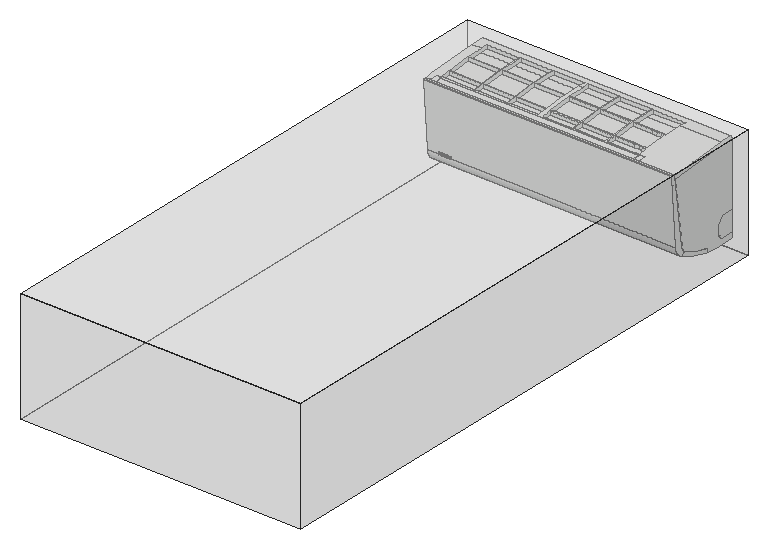
Revit family "outputfile", category 機械設備, Revit 2024
Family settings
  丸型コネクタ寸法 = 半径を使用
  パーツ タイプ = 標準
  OmniClass 番号 = 23.75.10.24.21.27.27
  OmniClass タイトル = Split System Air Conditioning Units
  作業面ベース = いいえ
  常に垂直 = はい
  ロード時にボイドで切り取り = いいえ
  注釈の向きを維持 = いいえ
  共有 = いいえ
  部屋計算ポイント = いいえ
Parameters (values of type "FTKF35CV1MW")
  Description = ""
  書き出し IFC クラス(タイプ) = "IfcUnitaryEquipmentType"
  定義済み IFC タイプ(タイプ) = "AIRCONDITIONINGUNIT"
  Cost = 0
  Type Comments = ""
  Keynote = ""
  Type Image = (empty or 0)
  Assembly Code = ""
  switch_frequency = yes
  lw_connection [instance] = if(Width = 730.0 mm, 85.0 mm, if(Width = 770.0 mm, 48.0 mm, 60.0 mm))  # 48.0 mm
  製造元 = "Daikin"
  モデル = "FTKF35CV1MW"
  r_Liquid Pipe Size = Liquid Pipe Size / 2  # 3.2 mm
  r_Gas Pipe Size = Gas Pipe Size / 2  # 4.75 mm
  r_Drain Pipe Size = Drain Pipe Size / 2  # 9.55 mm
  lw_powersupply [instance] = if(Width = 730.0 mm, if(or(Rear Right Connection_refrigerant, Bottom Right Connection_refrigerant), 65.0 mm, if(or(Rear Left Connection_refrigerant, Bottom Left Connection_refrigerant), 695.0 mm, 400.0 mm)), if(Width = 770.0 mm, if(or(Rear Right Connection_refrigerant, Bottom Right Connection_refrigerant), 68.0 mm, if(or(Rear Left Connection_refrigerant, Bottom Left Connection_refrigerant), 705.0 mm, 400.0 mm)), if(or(Rear Right Connection_refrigerant, Bottom Right Connection_refrigerant), 83.0 mm, if(or(Rear Left Connection_refrigerant, Bottom Left Connection_refrigerant), 928.0 mm, 400.0 mm))))  # 400.0 mm
  lw_liquidpipe [instance] = if(Width = 730.0 mm, if(or(Rear Right Connection_refrigerant, Bottom Right Connection_refrigerant), 0.0 mm, if(or(Rear Left Connection_refrigerant, Bottom Left Connection_refrigerant), 582.0 mm, 473.0 mm)), if(Width = 770.0 mm, if(or(Rear Right Connection_refrigerant, Bottom Right Connection_refrigerant), 0.0 mm, if(or(Rear Left Connection_refrigerant, Bottom Left Connection_refrigerant), 682.0 mm, 385.0 mm)), if(or(Rear Right Connection_refrigerant, Bottom Right Connection_refrigerant), 10.0 mm, if(or(Rear Left Connection_refrigerant, Bottom Left Connection_refrigerant), 858.0 mm, 435.0 mm))))  # 385.0 mm
  lw_gaspipe [instance] = if(Width = 730.0 mm, if(or(Rear Right Connection_refrigerant, Bottom Right Connection_refrigerant), 0.0 mm, if(or(Rear Left Connection_refrigerant, Bottom Left Connection_refrigerant), 576.0 mm, 428.0 mm)), if(Width = 770.0 mm, if(or(Rear Right Connection_refrigerant, Bottom Right Connection_refrigerant), 0.0 mm, if(or(Rear Left Connection_refrigerant, Bottom Left Connection_refrigerant), 675.0 mm, 335.0 mm)), if(or(Rear Right Connection_refrigerant, Bottom Right Connection_refrigerant), 0.0 mm, if(or(Rear Left Connection_refrigerant, Bottom Left Connection_refrigerant), 851.0 mm, 400.0 mm))))  # 335.0 mm
  lw_drainpipe [instance] = if(Width = 730.0 mm, if(or(Rear Right Connection_refrigerant, Bottom Right Connection_refrigerant), 0.0 mm, if(or(Rear Left Connection_refrigerant, Bottom Left Connection_refrigerant), 590.0 mm, 488.0 mm)), if(Width = 770.0 mm, if(or(Rear Right Connection_refrigerant, Bottom Right Connection_refrigerant), 0.0 mm, if(or(Rear Left Connection_refrigerant, Bottom Left Connection_refrigerant), 695.0 mm, 440.0 mm)), if(or(Rear Right Connection_refrigerant, Bottom Right Connection_refrigerant), 0.0 mm, if(or(Rear Left Connection_refrigerant, Bottom Left Connection_refrigerant), 888.0 mm, 475.0 mm))))  # 440.0 mm
  l_powersupply_length [instance] = if(Width = 730.0 mm, if(Right Connection_refrigerant, 400.0 mm, if(Left Connection_refrigerant, 330.0 mm, if(or(Bottom Left Connection_refrigerant, Bottom Right Connection_refrigerant), 57.0 mm, if(or(Rear Left Connection_refrigerant, Rear Right Connection_refrigerant), 15.0 mm, 50.0 mm)))), if(Width = 770.0 mm, if(Right Connection_refrigerant, 400.0 mm, if(Left Connection_refrigerant, 370.0 mm, if(or(Bottom Left Connection_refrigerant, Bottom Right Connection_refrigerant), 57.0 mm, if(or(Rear Left Connection_refrigerant, Rear Right Connection_refrigerant), 15.0 mm, 50.0 mm)))), if(Right Connection_refrigerant, 400.0 mm, if(Left Connection_refrigerant, 590.0 mm, if(or(Bottom Left Connection_refrigerant, Bottom Right Connection_refrigerant), 57.0 mm, if(or(Rear Left Connection_refrigerant, Rear Right Connection_refrigerant), 15.0 mm, 50.0 mm))))))  # 400.0 mm
  l_liquidpipe_length [instance] = if(Width = 730.0 mm, if(Right Connection_refrigerant, 558.0 mm, if(Left Connection_refrigerant, 172.0 mm, if(or(Bottom Left Connection_refrigerant, Bottom Right Connection_refrigerant), 48.0 mm, if(or(Rear Left Connection_refrigerant, Rear Right Connection_refrigerant), 30.0 mm, 40.0 mm)))), if(Width = 770.0 mm, if(Right Connection_refrigerant, 433.0 mm, if(Left Connection_refrigerant, 337.0 mm, if(or(Bottom Left Connection_refrigerant, Bottom Right Connection_refrigerant), 48.0 mm, if(or(Rear Left Connection_refrigerant, Rear Right Connection_refrigerant), 30.0 mm, 40.0 mm)))), if(Right Connection_refrigerant, 495.0 mm, if(Left Connection_refrigerant, 495.0 mm, if(or(Bottom Left Connection_refrigerant, Bottom Right Connection_refrigerant), 48.0 mm, if(or(Rear Left Connection_refrigerant, Rear Right Connection_refrigerant), 30.0 mm, 40.0 mm))))))  # 433.0 mm
  l_gaspipe_length [instance] = if(Width = 730.0 mm, if(Right Connection_refrigerant, 513.0 mm, if(Left Connection_refrigerant, 217.0 mm, if(or(Bottom Left Connection_refrigerant, Bottom Right Connection_refrigerant), 57.0 mm, if(or(Rear Left Connection_refrigerant, Rear Right Connection_refrigerant), 40.0 mm, 50.0 mm)))), if(Width = 770.0 mm, if(Right Connection_refrigerant, 383.0 mm, if(Left Connection_refrigerant, 387.0 mm, if(or(Bottom Left Connection_refrigerant, Bottom Right Connection_refrigerant), 57.0 mm, if(or(Rear Left Connection_refrigerant, Rear Right Connection_refrigerant), 40.0 mm, 50.0 mm)))), if(Right Connection_refrigerant, 460.0 mm, if(Left Connection_refrigerant, 530.0 mm, if(or(Bottom Left Connection_refrigerant, Bottom Right Connection_refrigerant), 57.0 mm, if(or(Rear Left Connection_refrigerant, Rear Right Connection_refrigerant), 40.0 mm, 50.0 mm))))))  # 383.0 mm
  l_drainpipe_length [instance] = if(Width = 730.0 mm, if(Right Connection_refrigerant, 573.0 mm, if(Left Connection_refrigerant, 157.0 mm, if(or(Bottom Left Connection_refrigerant, Bottom Right Connection_refrigerant), 35.0 mm, if(or(Rear Left Connection_refrigerant, Rear Right Connection_refrigerant), 15.0 mm, 20.0 mm)))), if(Width = 770.0 mm, if(Right Connection_refrigerant, 488.0 mm, if(Left Connection_refrigerant, 282.0 mm, if(or(Bottom Left Connection_refrigerant, Bottom Right Connection_refrigerant), 35.0 mm, if(or(Rear Left Connection_refrigerant, Rear Right Connection_refrigerant), 15.0 mm, 20.0 mm)))), if(Right Connection_refrigerant, 535.0 mm, if(Left Connection_refrigerant, 455.0 mm, if(or(Bottom Left Connection_refrigerant, Bottom Right Connection_refrigerant), 35.0 mm, if(or(Rear Left Connection_refrigerant, Rear Right Connection_refrigerant), 15.0 mm, 20.0 mm))))))  # 488.0 mm
  h*** = 0.0 mm  # constant formula
  connector_voltage = Voltage_50Hz  # 230 V
  connector_powerinput = [Power Input (Cooling)]  # 1.175 kW
  connector_phase = Phase_50Hz  # 1
  angle_vertical [instance] = if(or(Bottom Left Connection_refrigerant, Bottom Right Connection_refrigerant), 0.00°, 90.00°)  # 90.00°
  angle_horizontal [instance] = if(Right Connection_refrigerant, 90.00°, if(Left Connection_refrigerant, -90.00°, if(or(Rear Left Connection_refrigerant, Rear Right Connection_refrigerant), 180.00°, 0.00°)))  # 90.00°
  Width = 770.0 mm
  Voltage_comment_50Hz = "220 - 240"
  Voltage_50Hz = 230 V
  Version = "ver.1.0"
  Unit Type = "Wall Mounted"
  Unit Mass Weight = 9.00 kg
  Unit Designation [instance] = ""
  Uniclass2015Version = "Products v1.30"
  Uniclass2015Title = "Split coil room air conditioning units"
  Uniclass2015Code = "Pr_70_65_03_86"
  URL = ""
  Total Cooling Capacity [instance] = 0.000 kW
  Sound Pressure Level_M speed (dBA) = 34
  Sound Pressure Level_L speed (dBA) = 26
  Sound Pressure Level_H speed (dBA) = 39
  Sound Power Level_H speed (dB) = 0
  Series = "Single Split_Fan Coil Unit"
  Sensible Cooling Capacity [instance] = 0.000 kW
  Refrigerant Type = "R32"
  Power Input (Cooling) = 1.175 kW
  Phase_50Hz = 1
  Option Accessory 3 [instance] = ""
  Option Accessory 2 [instance] = ""
  Option Accessory 1 [instance] = ""
  Nominal Cooling Capacity = 3.600 kW
  Minimum Circuit Amps_50Hz = 10.5 A
  Minimum Airflow = 425.00 m³/h
  Median Airflow = 561.00 m³/h
  Maximum Fuse Amps_50Hz = 16.0 A
  Maximum Airflow = 680.00 m³/h
  Material_Casing = DAIKIN_White_Casing_indoorunit
  Load Classification = HVAC
  Liquid Pipe Size = 6.4 mm
  Link_Nested Family [instance] = ""
  IfcVersion = ""
  IfcExportType = "AIRCONDITIONINGUNIT"
  IfcExportAs = "IfcUnitaryEquipmentType"
  Height = 288.0 mm
  Heat Exchanger Type = "Cross Fin Coil"
  Gas Pipe Size = 9.5 mm
  Frequency_50Hz = 50 Hz
  Fan Type = "Cross Flow Fan"
  Fan Drive = "-"
  FCU Tag No. [instance] = ""
  Drain Pipe Size = 19.1 mm
  Design Supply Airflow [instance] = 0.00 m³/h
  Depth = 234.0 mm
  既定の高さ = 0.0 mm
  Cooling Entering Wet Bulb Temperature [instance] = 0.00 °C
  Cooling Entering Dry Bulb Temperature [instance] = 0.00 °C
  Cooling Ambient Wet Bulb Temperature [instance] = 0.00 °C
  Cooling Ambient Dry Bulb Temperature [instance] = 0.00 °C
  Clearance visibility [instance] = yes
  Clearance Top = 30.0 mm
  Clearance Right = 50.0 mm
  Clearance Rear = 0.0 mm
  Clearance Left = 50.0 mm
  Clearance Front = 1500.0 mm
  Clearance Bottom = 30.0 mm
  Bottom Right Connection_refrigerant [instance] = no
  Bottom Left Connection_refrigerant [instance] = no
  Rear Right Connection_refrigerant [instance] = no
  Rear Left Connection_refrigerant [instance] = no
  Right Connection_refrigerant [instance] = yes
  Left Connection_refrigerant [instance] = no
Reference planes
  plane 1 "Back": y = 0
  plane 2: z = 0
  plane 3 "Center (Left/Right)": x = 0
  plane 4 "Center (Front/Back)": y = -117
  plane 5 "Front": y = -234
  plane 6 "Left": x = -385
  plane 7 "Right": x = 385
  plane 8 "Top": z = 0
  plane 9 "Bottom": z = -288
  plane 10 "Front panel_Left": x = -383
  plane 11 "Front panel_Right": x = 383
  plane 12: x = 249
  plane 13: x = 244
  plane 14: x = -435
  plane 15: x = 435
  plane 16: y = 0
  plane 17: y = -213
  plane 18: z = 30
  plane 19: z = -318
  plane 20 "lw_Piping and Wiring intake": x = 337
  plane 21 "lw_gaspipe": x = 2
  plane 22 "lw_liquidpipe": x = -48
  plane 23 "lw_drainpipe": x = -103
  plane 24 "lh_drainpipe": z = -253
  plane 25 "lh_liquidpipe": z = -240
  plane 26 "lh_gaspipe": z = -231
  plane 27 "ld_drainpipe": y = -15
  plane 28 "ld_liquidpipe": y = -30
  plane 29 "ld_gaspipe": y = -40
  plane 30 "lw_powersupply": x = -15
  plane 31: y = -1734
Dimensions and locks
  equal spacing: plane 6 "Left", plane 3 "Center (Left/Right)", plane 7 "Right"
  "Width": plane 6 "Left" to plane 7 "Right"
  equal spacing: plane 5 "Front", plane 4 "Center (Front/Back)", plane 1 "Back"
  "Depth": plane 5 "Front" to plane 1 "Back"
  "Height": plane 8 "Top" to plane 9 "Bottom"
  locked: plane 10 "Front panel_Left" to plane 6 "Left" at 2
  locked: plane 7 "Right" to plane 11 "Front panel_Right" at 2
  locked: plane 7 "Right" to plane 12 at 136
  locked: plane 12 to plane 13 at 5
  "Clearance Rear": plane 16 to plane 1 "Back"
  "Clearance Top": plane 18 to plane 8 "Top"
  "Clearance Bottom": plane 9 "Bottom" to plane 19
  "lw_connection": plane 20 "lw_Piping and Wiring intake" to plane 7 "Right"
  "lw_gaspipe": plane 21 "lw_gaspipe" to plane 20 "lw_Piping and Wiring intake"
  "lw_liquidpipe": plane 22 "lw_liquidpipe" to plane 20 "lw_Piping and Wiring intake"
  "lw_drainpipe": plane 23 "lw_drainpipe" to plane 20 "lw_Piping and Wiring intake"
  locked: plane 24 "lh_drainpipe" to plane 9 "Bottom" at 35
  locked: plane 25 "lh_liquidpipe" to plane 9 "Bottom" at 48
  locked: plane 26 "lh_gaspipe" to plane 9 "Bottom" at 57
  locked: plane 27 "ld_drainpipe" to plane 1 "Back" at 15
  locked: plane 1 "Back" to plane 28 "ld_liquidpipe" at 30
  locked: plane 1 "Back" to plane 29 "ld_gaspipe" at 40
  "lw_powersupply": plane 30 "lw_powersupply" to plane 7 "Right"
  "Clearance Left": plane 14 to plane 6 "Left"
  "Clearance Right": plane 7 "Right" to plane 15
  "Clearance Front": plane 5 "Front" to plane 31
  aligned and locked: level to plane 2
  aligned and locked: plane 16 to nested 1
  aligned and locked: nested 1 to plane 14
  aligned and locked: nested 1 to plane 15
  aligned and locked: plane 19 to nested 1
  aligned and locked: plane 18 to nested 1
  aligned and locked: plane 21 "lw_gaspipe" to nested 2
  aligned and locked: nested 2 to plane 29 "ld_gaspipe"
  aligned and locked: plane 22 "lw_liquidpipe" to nested 3
  aligned and locked: nested 3 to plane 28 "ld_liquidpipe"
  aligned and locked: plane 23 "lw_drainpipe" to nested 4
  aligned and locked: nested 4 to plane 27 "ld_drainpipe"
  aligned and locked: nested 5 to plane 27 "ld_drainpipe"
  aligned and locked: plane 30 "lw_powersupply" to nested 5
  aligned and locked: level to plane 8 "Top"
  aligned and locked: nested 1 to plane 31
Nested families
  nested 1: "daikin_clearancespace" at (0, -867, -143.881), show <- "Clearance visibility", visible <- "Clearance visibility", Link_Nested Family <- "Link_Nested Family", type "daikin_clearancespace"
    with width 870.0 mm, show yes, height 348.0 mm, depth 1734.0 mm, Link_Nested Family ""
  nested 2: "daikin_connector_rotate3" at (2, -40, -231), angle_vertical <- "angle_vertical", angle_horizontal <- "angle_horizontal", length <- "l_gaspipe_length", radius <- "r_Gas Pipe Size", type "daikin_connector_rotate3"
    with show no, radius 4.75 mm, length 383.0 mm, angle_vertical 90.00°, angle_horizontal 90.00°
  nested 3: "daikin_connector_rotate3" at (-48, -30, -240), angle_vertical <- "angle_vertical", angle_horizontal <- "angle_horizontal", radius <- "r_Liquid Pipe Size", length <- "l_liquidpipe_length", type "daikin_connector_rotate3"
    with show no, radius 3.2 mm, length 433.0 mm, angle_vertical 90.00°, angle_horizontal 90.00°
  nested 4: "daikin_connector_rotate3" at (-103, -15, -253), angle_vertical <- "angle_vertical", angle_horizontal <- "angle_horizontal", length <- "l_drainpipe_length", radius <- "r_Drain Pipe Size", type "daikin_connector_rotate3"
    with show no, radius 9.55 mm, length 488.0 mm, angle_vertical 90.00°, angle_horizontal 90.00°
  nested 5: "daikin_connector_rotate3" at (-15, -15, -231), angle_vertical <- "angle_vertical", angle_horizontal <- "angle_horizontal", length <- "l_powersupply_length", type "daikin_connector_rotate3"
    with show no, radius 10.0 mm, length 400.0 mm, angle_vertical 90.00°, angle_horizontal 90.00°
  nested 6: "DAIKIN_indoorunit_FTKF-CV1MW" at (-31, 0, 0), type "FTKF--CV1MW"
    with switch_unit1_35-50 yes, switch_unit1_25 no, Width 770.0 mm, WALL HOLE-R 48.0 mm, Height 288.0 mm
Connectors
  piping at (385, -40, -231), diameter 9.5, driven by "r_Gas Pipe Size"
    settings: on nested 2, index 1, connector inside diameter 609.6 mm, connector length 0.0 mm, flow factor 0, pipe flow 0.00 m³/h, pressure drop 0.0 Pa, fitting loss kfactor 0, connector angle 0.00°, fixture units 0, engagement length 0.0 mm, angle of deflection 0.00°, flow configuration 1, flow direction 2, fitting loss method 0, system type 29, joint type 0, gender type 0, connector reference index -1, connector utility 0, adjustable connector no, is connector primary yes, connector description "Refrigerant Gas Piping"
  piping at (385, -30, -240), diameter 6.4, driven by "r_Liquid Pipe Size"
    settings: on nested 3, index 2, connector inside diameter 609.6 mm, connector length 0.0 mm, flow factor 0, pipe flow 0.00 m³/h, pressure drop 0.0 Pa, fitting loss kfactor 0, connector angle 0.00°, fixture units 0, engagement length 0.0 mm, angle of deflection 0.00°, flow configuration 1, flow direction 1, fitting loss method 0, system type 29, joint type 0, gender type 0, connector reference index -1, connector utility 0, adjustable connector no, is connector primary no, connector description "Refrigerant Liquid Piping"
  piping at (385, -15, -253), diameter 19.1, driven by "r_Drain Pipe Size"
    settings: on nested 4, index 3, connector inside diameter 609.6 mm, connector length 0.0 mm, flow factor 0, pipe flow 0.00 m³/h, pressure drop 0.0 Pa, fitting loss kfactor 0, connector angle 0.00°, fixture units 0, engagement length 0.0 mm, angle of deflection 0.00°, flow configuration 1, flow direction 2, fitting loss method 4, system type 16, joint type 0, gender type 0, connector reference index -1, connector utility 0, adjustable connector no, is connector primary no, connector description "Condensate Drain Piping"
  electrical at (385, -15, -231), driven by "Load Classification", driven by "connector_powerinput", driven by "connector_phase", driven by "connector_voltage"
    settings: on nested 5, index 4, voltage 230 V, apparent load 1175 VA, apparent load phase1 0 VA, apparent load phase2 0 VA, apparent load phase3 0 VA, power factor 1, load classification "HVAC", number of poles 1, system type 30, power factor state 1, is connector primary yes, connector utility no, sub classification motor no, connector description "Power Supply"
Definition of nested family "daikin_clearancespace"
  Parameters (values of type "daikin_clearancespace")
    Description = "daikin_clearancespace"
    width [instance] = 1823.963 mm
    show [instance] = yes
    material = none
    height [instance] = 1359.762 mm
    depth [instance] = 880.0 mm
    Default Elevation = 0.0 mm
    Link_Nested Family [instance] = ""
  Reference planes
    plane 1 "Center (Front/Back)": y = 0
    plane 2 "Center (Elevation)": z = -0.119
    plane 3 "Center (Left/Right)": x = 0
    plane 4: y = 440
    plane 5: y = -440
    plane 6 "Right": x = 911.982
    plane 7 "Left": x = -911.982
    plane 8 "Top": z = 679.762
    plane 9 "Bottom": z = -680
  Forms (mm)
    Extrusion 1, solid, material <- "material", visible <- "show"
      sketch origin (0, 0, 0) x (1, 0, 0) y (0, 1, 0)
        loop
          line (-911.982, 440) -> (-911.982, -440) -> (911.982, -440) -> (911.982, 440) -> (-911.982, 440)
      from -680 to 679.762
  Lines and regions (mm)
    symbolic lines, visible <- "show"
      curve 1: line (911.982, 440, 0) -> (-911.982, 440, 0)
      curve 2: line (-911.982, 440, 0) -> (-911.982, -440, 0)
      curve 3: line (-911.982, -440, 0) -> (911.982, -440, 0)
      curve 4: line (911.982, -440, 0) -> (911.982, 440, 0)
      curve 5: line (911.982, 0, 679.762) -> (-911.982, 0, 679.762)
      curve 6: line (911.982, 0, -680) -> (911.982, 0, 679.762)
      curve 7: line (-911.982, 0, -680) -> (911.982, 0, -680)
      curve 8: line (-911.982, 0, 679.762) -> (-911.982, 0, -680)
      curve 9: line (0, 440, 679.762) -> (0, -440, 679.762)
      curve 10: line (0, -440, 679.762) -> (0, -440, -680)
      curve 11: line (0, 440, -680) -> (0, 440, 679.762)
      curve 12: line (0, -440, -680) -> (0, 440, -680)
  Dimensions and locks
    "width": plane 7 "Left" to plane 6 "Right"
    "depth": plane 4 to plane 5
    "height": plane 8 "Top" to plane 9 "Bottom"
    equal spacing: plane 7 "Left", plane 3 "Center (Left/Right)", plane 6 "Right"
    equal spacing: plane 4, plane 1 "Center (Front/Back)", plane 5
    equal spacing: plane 8 "Top", plane 2 "Center (Elevation)", plane 9 "Bottom"
    aligned and locked: level to plane 2 "Center (Elevation)"
    aligned and locked: Extrusion 1 sketch curve to plane 4
    aligned and locked: plane 7 "Left" to Extrusion 1 sketch curve
    aligned and locked: Extrusion 1 sketch curve to plane 5
    aligned and locked: Extrusion 1 sketch curve to plane 6 "Right"
    aligned and locked: plane 8 "Top" to Extrusion 1
    aligned and locked: curve 1 to Extrusion 1
    aligned and locked: curve 2 to Extrusion 1
    aligned and locked: curve 3 to Extrusion 1
    aligned and locked: curve 4 to Extrusion 1
    aligned and locked: curve 5 to Extrusion 1
    aligned and locked: curve 6 to Extrusion 1
    aligned and locked: curve 7 to Extrusion 1
    aligned and locked: curve 8 to Extrusion 1
    aligned and locked: curve 9 to Extrusion 1
    aligned and locked: curve 10 to Extrusion 1
    aligned and locked: curve 11 to Extrusion 1
    aligned and locked: curve 12 to Extrusion 1
    aligned and locked: Extrusion 1 to plane 9 "Bottom"
Definition of nested family "DAIKIN_indoorunit_FTKF-CV1MW"
  Parameters (values of type "FTKF-AV14")
    switch_unit1_60 = Width = 990.0 mm  # no
    switch_unit1_35-50 = Width = 770.0 mm  # no
    switch_unit1_25 = Width = 730.0 mm  # yes
    Width = 730.0 mm
    WALL HOLE-R = if(Width = 730.0 mm, 79.0 mm, 48.0 mm)  # 79.0 mm
    Material_Casing = none
    Height = if(Width = 730.0 mm, 280.0 mm, if(Width = 770.0 mm, 288.0 mm, 297.0 mm))  # 280.0 mm
    Default Elevation = 0.0 mm
  Reference planes
    plane 1 "Center (Front/Back)": y = 0
    plane 2 "reference_level": z = 0
    plane 3 "Center (Left/Right)": x = 31
    plane 4: x = -334
    plane 5: x = 396
    plane 6: z = -280
  Forms (mm)
    Extrusion 1, solid, material <- "Material_Casing", visible <- "switch_unit1_25"
      sketch origin (31, 0, 0) x (0, 1, 0) y (0, 0, 1)
        loop
          line (-109.519, -8) -> (-2.596, -8) -> (-8.198, 0) -> (-109.608, 0)
          arc (-109.608, 0) -> (-157.226, -5.2) -> (-202.599, -20.555) r 220.623
          line (-202.599, -20.555) -> (-202.447, -29.25)
          arc (-202.447, -29.25) -> (-157.182, -13.38) -> (-109.519, -8) r 213.82
      from -365 to 365
    Extrusion 2, solid, material <- "Material_Casing", visible <- "switch_unit1_25"
      sketch origin (416, 1304.033, 1200.206) x (0, 1, 0) y (0, 0, 1)
        loop
          arc (-1496.513, -1423.164) -> (-1487.225, -1434.204) -> (-1476.373, -1443.711) r 95
          arc (-1476.373, -1443.711) -> (-1448.371, -1461.92) -> (-1418.191, -1476.232) r 250
          line (-1418.191, -1476.232) -> (-1418.191, -1465.318)
          arc (-1418.191, -1465.318) -> (-1445.052, -1452.134) -> (-1470.063, -1435.711) r 240
          arc (-1470.063, -1435.711) -> (-1477.766, -1429.186) -> (-1484.641, -1421.794) r 85
          line (-1484.641, -1421.794) -> (-1496.513, -1423.164)
      from -20 to -177
    Extrusion 3, solid, material <- "Material_Casing", visible <- "switch_unit1_25"
      sketch origin (31, 0, 0) x (0, 1, 0) y (0, 0, 1)
        loop
          line (-202.769, -10.816) -> (-211.618, -13.692)
          arc (-211.618, -13.692) -> (-212.628, -14.432) -> (-213, -15.629) r 2
          line (-213, -15.629) -> (-210.348, -167.5)
          arc (-210.348, -167.5) -> (-206.029, -195.818) -> (-193.465, -221.562) r 95
          line (-193.465, -221.562) -> (-181.653, -220.199)
          arc (-181.653, -220.199) -> (-195.31, -195.356) -> (-200.037, -167.403) r 85
          line (-200.037, -167.403) -> (-202.769, -10.816)
      from -365 to 365
    Extrusion 4, solid, material <- "Material_Casing", visible <- "switch_unit1_25"
      sketch origin (31, 0, 0) x (0, 1, 0) y (0, 0, 1)
        loop
          line (0, -280) -> (0, -11.707) -> (-2.596, -8) -> (-109.519, -8)
          arc (-109.519, -8) -> (-156.378, -13.198) -> (-200.959, -28.539) r 213.82
          line (-200.959, -28.539) -> (-198.537, -167.295)
          arc (-198.537, -167.295) -> (-189.766, -204.754) -> (-165.131, -234.305) r 83.5
          arc (-165.131, -234.305) -> (-139.841, -250.873) -> (-112.659, -264.109) r 238.5
          line (-112.659, -264.109) -> (-112.659, -276.338)
          arc (-112.659, -276.338) -> (-100.834, -279.079) -> (-88.731, -280) r 80
          line (-88.731, -280) -> (0, -280)
      from -365 to 365
    Extrusion 5, solid, material <- "Material_Casing", visible <- "switch_unit1_25"
      sketch origin (-354, 1304.033, 1200.206) x (0, 1, 0) y (0, 0, 1)
        loop
          arc (-1496.513, -1423.164) -> (-1487.225, -1434.204) -> (-1476.373, -1443.711) r 95
          arc (-1476.373, -1443.711) -> (-1448.371, -1461.92) -> (-1418.191, -1476.232) r 250
          line (-1418.191, -1476.232) -> (-1418.191, -1465.318)
          arc (-1418.191, -1465.318) -> (-1445.052, -1452.134) -> (-1470.063, -1435.711) r 240
          arc (-1470.063, -1435.711) -> (-1477.766, -1429.186) -> (-1484.641, -1421.794) r 85
          line (-1484.641, -1421.794) -> (-1496.513, -1423.164)
      from 72 to 20
    Extrusion 6, solid, material <- "Material_Casing", visible <- "switch_unit1_25"
      sketch origin (31, 7.782, 0.206) x (0, 1, 0) y (0, 0, 1)
        loop
          line (-188.39, -221.794) -> (-200.262, -223.164)
          arc (-200.262, -223.164) -> (-190.975, -234.204) -> (-180.122, -243.711) r 95
          arc (-180.122, -243.711) -> (-152.12, -261.92) -> (-121.941, -276.232) r 250
          line (-121.941, -276.232) -> (-121.941, -265.318)
          arc (-121.941, -265.318) -> (-148.801, -252.134) -> (-173.813, -235.711) r 240
          arc (-173.813, -235.711) -> (-181.515, -229.186) -> (-188.39, -221.794) r 85
      from 204 to -309
    Extrusion 7, void
      sketch origin (31, 0, -235) x (1, 0, 0) y (0, 1, 0)
        loop
          line (-324.633, -72.419) -> (-304, -73.5) -> (-234.9, -73.5) -> (-234.9, -24.5) -> (-324.633, -24.5) -> (-324.633, -72.419)
        loop
          line (-304, -74.9) -> (-324.633, -75.939) -> (-324.633, -139.819) -> (-304, -140.9) -> (-234.9, -140.9) -> (-234.9, -74.9) -> (-304, -74.9)
        loop
          line (-304, -142.3) -> (-324.633, -143.326) -> (-324.633, -182.209) -> (-300, -183.5) -> (-234.9, -183.5) -> (-234.9, -142.3) -> (-304, -142.3)
        loop
          line (-233.5, -142.3) -> (-233.5, -183.5) -> (-146.9, -183.5) -> (-146.9, -142.3) -> (-233.5, -142.3)
        loop
          line (-233.5, -140.9) -> (-146.9, -140.9) -> (-146.9, -74.9) -> (-233.5, -74.9) -> (-233.5, -140.9)
        loop
          line (-233.5, -73.5) -> (-146.9, -73.5) -> (-146.9, -24.5) -> (-233.5, -24.5) -> (-233.5, -73.5)
        loop
          line (-145.5, -73.5) -> (-74.9, -73.5) -> (-54.9, -72.452) -> (-54.9, -24.5) -> (-145.5, -24.5) -> (-145.5, -73.5)
        loop
          line (-145.5, -74.9) -> (-145.5, -140.9) -> (-74.9, -140.9) -> (-54.9, -139.852) -> (-54.9, -75.948) -> (-74.9, -74.9) -> (-145.5, -74.9)
        loop
          line (-145.5, -142.3) -> (-145.5, -183.5) -> (-74.9, -183.5) -> (-54.9, -182.452) -> (-54.9, -143.348) -> (-74.9, -142.3) -> (-145.5, -142.3)
        loop
          line (-53.5, -24.5) -> (-53.5, -72.452) -> (-33.5, -73.5) -> (36.5, -73.5) -> (36.5, -24.5) -> (-53.5, -24.5)
        loop
          line (-53.5, -75.948) -> (-53.5, -139.852) -> (-33.5, -140.9) -> (36.5, -140.9) -> (36.5, -74.9) -> (-33.5, -74.9) -> (-53.5, -75.948)
        loop
          line (-33.5, -142.3) -> (-53.5, -143.348) -> (-53.5, -182.452) -> (-33.5, -183.5) -> (36.5, -183.5) -> (36.5, -142.3) -> (-33.5, -142.3)
        loop
          line (37.9, -24.5) -> (37.9, -73.5) -> (124.9, -73.5) -> (124.9, -24.5) -> (37.9, -24.5)
        loop
          line (37.9, -74.9) -> (37.9, -140.9) -> (124.9, -140.9) -> (124.9, -74.9) -> (37.9, -74.9)
        loop
          line (37.9, -142.3) -> (37.9, -183.5) -> (124.9, -183.5) -> (124.9, -142.3) -> (37.9, -142.3)
        loop
          line (126.3, -24.5) -> (126.3, -73.5) -> (195.6, -73.5) -> (216, -72.431) -> (216, -24.5) -> (126.3, -24.5)
        loop
          line (126.3, -74.9) -> (126.3, -140.9) -> (198.5, -140.9) -> (216, -139.983) -> (216, -75.817) -> (198.5, -74.9) -> (126.3, -74.9)
        loop
          line (126.3, -142.3) -> (126.3, -183.5) -> (198.337, -183.5) -> (216, -182.623) -> (216, -143.217) -> (198.5, -142.3) -> (126.3, -142.3)
      from 201.638 to 250
    Extrusion 8, solid, material <- "Material_Casing"
      sketch origin (31, 0, 0) x (1, 0, 0) y (0, 0, 1)
        loop
          circle (286, -235) r 40
        loop
          circle (-317, -235) r 40
      from 0 to 5
    Extrusion 9, solid, material <- "Material_Casing", visible <- "switch_unit1_25"
      sketch origin (396, 1296.25, 1200) x (0, -1, 0) y (0, 0, 1)
        loop
          line (1326.25, -1413) -> (1296.25, -1413) -> (1296.25, -1473) -> (1326.25, -1473)
          arc (1326.25, -1473) -> (1340.393, -1467.142) -> (1346.25, -1453) r 20
          line (1346.25, -1453) -> (1346.25, -1433)
          arc (1346.25, -1433) -> (1340.393, -1418.858) -> (1326.25, -1413) r 20
      from 0 to 5
    Extrusion 10, solid, material <- "Material_Casing", visible <- "switch_unit1_25"
      sketch origin (-334, 1296.25, 1200) x (0, 1, 0) y (0, 0, 1)
        loop
          line (-1296.25, -1413) -> (-1326.25, -1413)
          arc (-1326.25, -1413) -> (-1340.393, -1418.858) -> (-1346.25, -1433) r 20
          line (-1346.25, -1433) -> (-1346.25, -1453)
          arc (-1346.25, -1453) -> (-1340.393, -1467.142) -> (-1326.25, -1473) r 20
          line (-1326.25, -1473) -> (-1296.25, -1473) -> (-1296.25, -1413)
      from 0 to 5
    Extrusion 11, solid, material <- "Material_Casing", visible <- "switch_unit1_25"
      sketch origin (11, 0, -285) x (-1, 0, 0) y (0, -1, 0)
        loop
          line (-279, 0) -> (-279, 30)
          arc (-279, 30) -> (-284.419, 43.081) -> (-297.5, 48.5) r 18.5
          line (-297.5, 48.5) -> (-320.5, 48.5)
          arc (-320.5, 48.5) -> (-333.581, 43.081) -> (-339, 30) r 18.5
          line (-339, 30) -> (-339, 0) -> (-279, 0)
        loop
          line (326, 0) -> (326, 30)
          arc (326, 30) -> (320.581, 43.081) -> (307.5, 48.5) r 18.5
          line (307.5, 48.5) -> (284.5, 48.5)
          arc (284.5, 48.5) -> (271.419, 43.081) -> (266, 30) r 18.5
          line (266, 30) -> (266, 0) -> (326, 0)
      from 10 to 5
    Extrusion 12, solid, material <- "Material_Casing", visible <- "switch_unit1_35-50"
      sketch origin (31, 0, 0) x (0, 1, 0) y (0, 0, 1)
        loop
          line (-5, 0) -> (-45.84, 0)
          arc (-45.84, 0) -> (-135.906, -3.965) -> (-225.275, -15.831) r 1024.823
          arc (-225.275, -15.831) -> (-224.639, -21.302) -> (-223.878, -26.758) r 241.564
          arc (-223.878, -26.758) -> (-135.207, -14.947) -> (-45.84, -11) r 1013.66
          line (-45.84, -11) -> (0, -11) -> (0, -9.02) -> (-5, 0)
      from -385 to 385
    Extrusion 13, solid, material <- "Material_Casing", visible <- "switch_unit1_35-50"
      sketch origin (31, 0, 0) x (0, 1, 0) y (0, 0, 1)
        loop
          arc (-226.673, -12.416) -> (-229.519, -12.929) -> (-232.363, -13.449) r 1025.776
          arc (-232.363, -13.449) -> (-233.586, -14.198) -> (-233.994, -15.573) r 2
          line (-233.994, -15.573) -> (-218.08, -217.408)
          arc (-218.08, -217.408) -> (-211.296, -237.286) -> (-195.807, -251.472) r 42.415
          line (-195.807, -251.472) -> (-186.556, -243.946)
          arc (-186.556, -243.946) -> (-193.981, -235.221) -> (-197.648, -224.366) r 30.386
          line (-197.648, -224.366) -> (-226.673, -12.416)
      from -385 to 385
    Extrusion 14, void
      sketch origin (33, 0, 0) x (1, 0, 0) y (0, 1, 0)
        loop
          line (-357.499, -23.5) -> (-357.499, -96.7) -> (-255.999, -96.7) -> (-255.999, -23.5) -> (-357.499, -23.5)
        loop
          line (-255.999, -99.1) -> (-357.499, -99.1) -> (-357.499, -170.1) -> (-255.999, -170.1) -> (-255.999, -99.1)
        loop
          line (-255.999, -171.7) -> (-357.499, -171.7) -> (-357.499, -201.7) -> (-255.999, -201.7) -> (-255.999, -171.7)
        loop
          line (-253.399, -23.5) -> (-253.399, -96.7) -> (-153.899, -96.7) -> (-153.899, -23.5) -> (-253.399, -23.5)
        loop
          line (-253.399, -99.1) -> (-253.399, -170.1) -> (-153.899, -170.1) -> (-153.899, -99.1) -> (-253.399, -99.1)
        loop
          line (-153.899, -171.7) -> (-253.399, -171.7) -> (-253.399, -201.7) -> (-153.899, -201.7) -> (-153.899, -171.7)
        loop
          line (-56.549, -23.5) -> (-151.299, -23.5) -> (-151.299, -96.7) -> (-56.549, -96.7) -> (-56.549, -23.5)
        loop
          line (-151.299, -99.1) -> (-151.299, -170.1) -> (-56.549, -170.1) -> (-56.549, -99.1) -> (-151.299, -99.1)
        loop
          line (-56.549, -171.7) -> (-151.299, -171.7) -> (-151.299, -201.7) -> (-56.549, -201.7) -> (-56.549, -171.7)
        loop
          line (50.301, -23.5) -> (-44.549, -23.5) -> (-44.549, -96.7) -> (50.301, -96.7) -> (50.301, -23.5)
        loop
          line (-44.549, -99.1) -> (-44.549, -170.1) -> (50.301, -170.1) -> (50.301, -99.1) -> (-44.549, -99.1)
        loop
          line (50.301, -171.7) -> (-44.549, -171.7) -> (-44.549, -201.7) -> (50.301, -201.7) -> (50.301, -171.7)
        loop
          line (52.901, -23.5) -> (52.901, -96.7) -> (152.401, -96.7) -> (152.401, -23.5) -> (52.901, -23.5)
        loop
          line (52.901, -99.1) -> (52.901, -170.1) -> (152.401, -170.1) -> (152.401, -99.1) -> (52.901, -99.1)
        loop
          line (52.901, -171.7) -> (52.901, -201.7) -> (152.401, -201.7) -> (152.401, -171.7) -> (52.901, -171.7)
        loop
          line (155.001, -23.5) -> (155.001, -96.7) -> (256.501, -96.7) -> (256.501, -23.5) -> (155.001, -23.5)
        loop
          line (155.001, -99.1) -> (155.001, -170.1) -> (217.501, -170.1) -> (229.501, -170.1) -> (241.501, -170.1) -> (256.501, -170.1) -> (256.501, -152.1) -> (256.501, -134.1) -> (256.501, -116.1) -> (256.501, -99.1) -> (241.501, -99.1) -> (229.501, -99.1) -> (217.501, -99.1) -> (155.001, -99.1)
        loop
          line (155.001, -171.7) -> (155.001, -201.7) -> (217.501, -201.7) -> (229.501, -201.7) -> (241.501, -201.7) -> (256.501, -201.7) -> (256.501, -171.7) -> (241.501, -171.7) -> (229.501, -171.7) -> (217.501, -171.7) -> (155.001, -171.7)
      from -40.013 to 47.268
    Extrusion 15, solid, material <- "Material_Casing", visible <- "switch_unit1_35-50"
      sketch origin (-356, 1308.25, 1200) x (0, 1, 0) y (0, 0, -1)
        loop
          line (-1407.524, 1473.254) -> (-1407.524, 1484.154)
          arc (-1407.524, 1484.154) -> (-1456.679, 1472.122) -> (-1503.106, 1451.987) r 299.52
          line (-1503.106, 1451.987) -> (-1494.032, 1444.604)
          arc (-1494.032, 1444.604) -> (-1451.915, 1462.363) -> (-1407.524, 1473.254) r 288.723
      from -2 to -49.5
    Extrusion 16, solid, material <- "Material_Casing", visible <- "switch_unit1_35-50"
      sketch origin (418, 1308.25, 1200) x (0, 1, 0) y (0, 0, 1)
        loop
          arc (-1407.524, -1473.254) -> (-1451.915, -1462.363) -> (-1494.032, -1444.604) r 288.723
          line (-1494.032, -1444.604) -> (-1503.106, -1451.987)
          arc (-1503.106, -1451.987) -> (-1456.679, -1472.122) -> (-1407.524, -1484.154) r 299.52
          line (-1407.524, -1484.154) -> (-1407.524, -1473.254)
      from -2 to -119.5
    Extrusion 17, solid, material <- "Material_Casing", visible <- "switch_unit1_35-50"
      sketch origin (418, 1308.25, 1200) x (0, 1, 0) y (0, 0, 1)
        loop
          line (-1407.524, -1484.154) -> (-1407.524, -1473.254)
          arc (-1407.524, -1473.254) -> (-1451.915, -1462.363) -> (-1494.032, -1444.604) r 288.723
          line (-1494.032, -1444.604) -> (-1503.106, -1451.987)
          arc (-1503.106, -1451.987) -> (-1456.679, -1472.122) -> (-1407.524, -1484.154) r 299.52
      from -119.5 to -724.5
    Extrusion 18, solid, material <- "Material_Casing", visible <- "switch_unit1_35-50"
      sketch origin (31, 0, -30) x (0, 1, 0) y (0, 0, 1)
        loop
          arc (-45.84, 19) -> (-135.218, 15.052) -> (-223.901, 3.238) r 1013.66
          line (-223.901, 3.238) -> (-196.855, -194.257)
          arc (-196.855, -194.257) -> (-192.985, -205.344) -> (-185.107, -214.052) r 29.589
          arc (-185.107, -214.052) -> (-142.926, -231.76) -> (-98.473, -242.568) r 288.081
          line (-98.473, -242.568) -> (-98.525, -254.271)
          arc (-98.525, -254.271) -> (-75.337, -257.066) -> (-52, -258) r 292.099
          line (-52, -258) -> (0, -258) -> (0, 19) -> (-45.84, 19)
      from -385 to 385
    Extrusion 19, solid, material <- "Material_Casing", visible <- "switch_unit1_35-50"
      sketch origin (416, 1296.25, 1200) x (0, -1, 0) y (0, 0, 1)
        loop
          line (1329.05, -1409.6) -> (1296.25, -1409.6) -> (1296.25, -1469.6) -> (1329.05, -1469.6)
          arc (1329.05, -1469.6) -> (1342.627, -1463.976) -> (1348.25, -1450.4) r 19.2
          line (1348.25, -1450.4) -> (1348.25, -1428.8)
          arc (1348.25, -1428.8) -> (1342.627, -1415.224) -> (1329.05, -1409.6) r 19.2
      from 0 to 5
    Extrusion 20, solid, material <- "Material_Casing", visible <- "switch_unit1_35-50"
      sketch origin (-349, 1296.25, 1200) x (0, -1, 0) y (0, 0, 1)
        loop
          line (1329.05, -1409.6) -> (1296.25, -1409.6) -> (1296.25, -1469.6) -> (1329.05, -1469.6)
          arc (1329.05, -1469.6) -> (1342.627, -1463.976) -> (1348.25, -1450.4) r 19.2
          line (1348.25, -1450.4) -> (1348.25, -1428.8)
          arc (1348.25, -1428.8) -> (1342.627, -1415.224) -> (1329.05, -1409.6) r 19.2
      from 0 to 5
    Extrusion 21, solid, material <- "Material_Casing", visible <- "switch_unit1_35-50"
      sketch origin (31, 200, -288) x (-1, 0, 0) y (0, -1, 0)
        loop
          line (369, 200) -> (369, 232)
          arc (369, 232) -> (363.142, 246.142) -> (349, 252) r 20
          line (349, 252) -> (329, 252)
          arc (329, 252) -> (314.858, 246.142) -> (309, 232) r 20
          line (309, 232) -> (309, 200) -> (369, 200)
        loop
          line (-369, 200) -> (-309, 200) -> (-309, 232)
          arc (-309, 232) -> (-314.858, 246.142) -> (-329, 252) r 20
          line (-329, 252) -> (-349, 252)
          arc (-349, 252) -> (-363.142, 246.142) -> (-369, 232) r 20
          line (-369, 232) -> (-369, 200)
      from 0 to 5
    Extrusion 22, void
      sketch origin (0, 0, 0) x (1, 0, 0) y (0, 1, 0)
        loop
          line (-308, -185.757) -> (-308, -202.769) -> (262, -202.769) -> (262, -185.757) -> (-308, -185.757)
      from -35 to 0
    Extrusion 23, solid, material <- "Material_Casing", visible <- "switch_unit1_25"
      sketch origin (0, 0, 0) x (1, 0, 0) y (0, 1, 0)
        loop
          line (-308, -185.757) -> (-308, -202.757) -> (-293, -202.757) -> (-293, -185.757) -> (-308, -185.757)
        loop
          line (262, -185.757) -> (247, -185.757) -> (247, -202.757) -> (262, -202.757) -> (262, -185.757)
      from -35 to 0
    Extrusion 24, solid, material <- "Material_Casing", visible <- "switch_unit1_25"
      sketch origin (0, 0, 0) x (1, 0, 0) y (0, 1, 0)
        loop
          line (-293, -190.757) -> (-293, -202.757) -> (247, -202.757) -> (247, -190.757) -> (203.171, -190.757) -> (203.171, -194.257)
          arc (203.171, -194.257) -> (202.732, -195.318) -> (201.671, -195.757) r 1.5
          line (201.671, -195.757) -> (180.129, -195.757)
          arc (180.129, -195.757) -> (179.068, -195.318) -> (178.629, -194.257) r 1.5
          line (178.629, -194.257) -> (178.629, -190.757) -> (46.421, -190.757) -> (46.421, -194.257)
          arc (46.421, -194.257) -> (45.982, -195.318) -> (44.921, -195.757) r 1.5
          line (44.921, -195.757) -> (23.379, -195.757)
          arc (23.379, -195.757) -> (22.318, -195.318) -> (21.879, -194.257) r 1.5
          line (21.879, -194.257) -> (21.879, -190.757) -> (-68.079, -190.757) -> (-68.079, -194.257)
          arc (-68.079, -194.257) -> (-68.518, -195.318) -> (-69.579, -195.757) r 1.5
          line (-69.579, -195.757) -> (-91.121, -195.757)
          arc (-91.121, -195.757) -> (-92.182, -195.318) -> (-92.621, -194.257) r 1.5
          line (-92.621, -194.257) -> (-92.621, -190.757) -> (-224.829, -190.757) -> (-224.829, -194.257)
          arc (-224.829, -194.257) -> (-225.268, -195.318) -> (-226.329, -195.757) r 1.5
          line (-226.329, -195.757) -> (-247.871, -195.757)
          arc (-247.871, -195.757) -> (-248.932, -195.318) -> (-249.371, -194.257) r 1.5
          line (-249.371, -194.257) -> (-249.371, -190.757) -> (-293, -190.757)
      from -35 to 0
    Extrusion 25, void
      sketch origin (31, 0, 0) x (0, 1, 0) y (0, 0, 1)
        loop
          line (-185.757, -13.903) -> (-185.757, 0) -> (-205.202, 0) -> (-205.202, -21.715)
          arc (-205.202, -21.715) -> (-195.563, -17.601) -> (-185.757, -13.903) r 245
        loop
          line (-205.202, -30.526) -> (-205.202, -35) -> (-185.757, -35) -> (-185.757, -22.404)
          arc (-185.757, -22.404) -> (-195.57, -26.249) -> (-205.202, -30.526) r 237
      from 231 to -339
    Extrusion 26, void
      sketch origin (0, 0, 0) x (1, 0, 0) y (0, 1, 0)
        loop
          line (-341.401, -199.9) -> (-342.412, -238.673) -> (306.373, -238.673)
          spline (306.373, -238.673) -> (306.288, -235.451) -> (306.202, -232.228) -> (306.116, -229.002) -> (306.031, -225.775) -> (305.945, -222.546) -> (305.859, -219.316) -> (305.774, -216.084) -> (305.688, -212.85) -> (305.602, -209.615) -> (305.517, -206.378) -> (305.431, -203.14) -> (305.345, -199.9)
          line (305.345, -199.9) -> (290.148, -199.9) -> (290.015, -203.69) -> (-326.04, -203.69) -> (-326.173, -199.9) -> (-341.401, -199.9)
      from 0 to -34.101
    Extrusion 27, solid, material <- "Material_Casing", visible <- "switch_unit1_35-50"
      sketch origin (0, 0, 0) x (1, 0, 0) y (0, 1, 0)
        loop
          line (-324.05, -226.673) -> (-324.05, -203.69) -> (-326.04, -203.69) -> (-326.173, -199.9) -> (-341.401, -199.9) -> (-342.099, -226.673) -> (-324.05, -226.673)
        loop
          line (305.344, -199.9) -> (290.148, -199.9) -> (290.015, -203.69) -> (288.001, -203.69) -> (288.001, -226.673) -> (306.055, -226.673) -> (305.344, -199.9)
      from 0 to -30
    Extrusion 28, solid, material <- "Material_Casing", visible <- "switch_unit1_35-50"
      sketch origin (0, 0, 0) x (1, 0, 0) y (0, 1, 0)
        loop
          line (288.001, -203.69) -> (-324.05, -203.69) -> (-324.05, -226.673) -> (288.001, -226.673) -> (288.001, -203.69)
      from 0 to -30
    Extrusion 29, void
      sketch origin (31, 0, 0) x (0, 1, 0) y (0, 0, 1)
        loop
          arc (-223.878, -26.758) -> (-224.639, -21.302) -> (-225.275, -15.831) r 241.564
          arc (-225.275, -15.831) -> (-212.6, -13.659) -> (-199.9, -11.646) r 1024.823
          line (-199.9, -11.646) -> (-199.9, 0) -> (-238.673, 0) -> (-238.673, -30) -> (-199.9, -30) -> (-199.9, -22.776)
          arc (-199.9, -22.776) -> (-211.901, -24.695) -> (-223.878, -26.758) r 1013.66
      from -385 to 385
    Extrusion 30, void
      sketch origin (31, 12, 0) x (0, 1, 0) y (0, 0, 1)
        loop
          arc (-201.887, -254.601) -> (-173.585, -267.35) -> (-144.115, -277.1) r 299.52
          line (-144.115, -277.1) -> (-122.392, -277.1)
          arc (-122.392, -277.1) -> (-157.174, -267.937) -> (-190.58, -254.601) r 294.52
          line (-190.58, -254.601) -> (-201.887, -254.601)
      from 303 to 335
    Extrusion 31, solid, material <- "Material_Casing", visible <- "switch_unit1_35-50"
      sketch origin (31, 12, 0) x (0, 1, 0) y (0, 0, 1)
        loop
          arc (-201.887, -254.601) -> (-173.585, -267.35) -> (-144.115, -277.1) r 299.52
          line (-144.115, -277.1) -> (-122.392, -277.1)
          arc (-122.392, -277.1) -> (-157.174, -267.937) -> (-190.58, -254.601) r 294.52
          line (-190.58, -254.601) -> (-201.887, -254.601)
      from 303 to 335
    Extrusion 32, void
      sketch origin (31, 12, 0) x (0, 1, 0) y (0, 0, 1)
        loop
          arc (-197.929, -256.6) -> (-189.925, -260.422) -> (-181.811, -264.005) r 299.52
          line (-181.811, -264.005) -> (-173.896, -264.005)
          arc (-173.896, -264.005) -> (-182.522, -260.437) -> (-191.03, -256.6) r 296.52
          line (-191.03, -256.6) -> (-197.929, -256.6)
      from 308.25 to 329.75
    Extrusion 33, solid, material <- "Material_Casing", visible <- "switch_unit1_35-50"
      sketch origin (31, 12, 0) x (0, 1, 0) y (0, 0, 1)
        loop
          line (-191.03, -256.6) -> (-197.929, -256.6)
          arc (-197.929, -256.6) -> (-189.925, -260.422) -> (-181.811, -264.005) r 299.52
          line (-181.811, -264.005) -> (-173.896, -264.005)
          arc (-173.896, -264.005) -> (-182.522, -260.437) -> (-191.03, -256.6) r 296.52
      from 308.25 to 329.75
    Extrusion 34, solid, material <- "Material_Casing", visible <- "switch_unit1_60"
      sketch origin (31, 0, 0) x (0, 1, 0) y (0, 0, 1)
        loop
          line (0, -9.411) -> (-5.217, 0) -> (-81.299, 0)
          arc (-81.299, 0) -> (-172.954, -4.661) -> (-263.664, -18.596) r 903.475
          line (-263.664, -18.596) -> (-262.227, -29.099)
          arc (-262.227, -29.099) -> (-172.204, -15.282) -> (-81.24, -10.748) r 889.035
          spline (-81.24, -10.748) -> (-74.468, -10.758) -> (-67.697, -10.768) -> (-60.927, -10.777) -> (-54.156, -10.787) -> (-47.386, -10.797) -> (-40.616, -10.807) -> (-33.846, -10.817) -> (-27.076, -10.827) -> (-20.307, -10.837) -> (-13.538, -10.846) -> (-6.769, -10.856) -> (0, -10.866)
          line (0, -10.866) -> (0, -9.411)
      from -495 to 495
    Extrusion 35, solid, material <- "Material_Casing", visible <- "switch_unit1_60"
      sketch origin (31, 0, 0) x (0, 1, 0) y (0, 0, 1)
        loop
          arc (-61.32, -11) -> (-162.288, -14.333) -> (-262.227, -29.099) r 889.035
          line (-262.227, -29.099) -> (-235.753, -222.656)
          arc (-235.753, -222.656) -> (-231.042, -237.333) -> (-221.593, -249.512) r 44.358
          arc (-221.593, -249.512) -> (-169.646, -270.267) -> (-114.65, -280.495) r 285.5
          line (-114.65, -280.495) -> (-114.65, -294.996)
          arc (-114.65, -294.996) -> (-88.244, -296.499) -> (-61.8, -297) r 697.94
          line (-61.8, -297) -> (0, -297) -> (0, -11) -> (-61.32, -11)
      from -495 to 495
    Extrusion 36, solid, material <- "Material_Casing", visible <- "switch_unit1_60"
      sketch origin (31, 0.704, 0) x (0, 1, 0) y (0, 0, 1)
        loop
          arc (-234.553, -259.361) -> (-177.189, -283.256) -> (-116.154, -294.93) r 302.598
          line (-116.154, -294.93) -> (-116.154, -281.229)
          arc (-116.154, -281.229) -> (-130.021, -279.659) -> (-143.795, -277.416) r 286.286
          arc (-143.795, -277.416) -> (-184.393, -266.65) -> (-222.978, -250.06) r 286.299
          line (-222.978, -250.06) -> (-234.553, -259.361)
      from -495 to -449
    Extrusion 37, solid, material <- "Material_Casing", visible <- "switch_unit1_60"
      sketch origin (86, 0.704, 0) x (0, 1, 0) y (0, 0, 1)
        loop
          arc (-234.553, -259.361) -> (-177.189, -283.256) -> (-116.154, -294.93) r 302.598
          line (-116.154, -294.93) -> (-116.154, -281.229)
          arc (-116.154, -281.229) -> (-130.021, -279.659) -> (-143.795, -277.416) r 286.286
          arc (-143.795, -277.416) -> (-184.393, -266.65) -> (-222.978, -250.06) r 286.299
          line (-222.978, -250.06) -> (-234.553, -259.361)
      from -498 to 288
    Extrusion 38, solid, material <- "Material_Casing", visible <- "switch_unit1_60"
      sketch origin (237.5, 0.704, 0) x (0, 1, 0) y (0, 0, 1)
        loop
          arc (-234.553, -259.361) -> (-177.189, -283.256) -> (-116.154, -294.93) r 302.598
          line (-116.154, -294.93) -> (-116.154, -281.229)
          arc (-116.154, -281.229) -> (-130.021, -279.659) -> (-143.795, -277.416) r 286.286
          arc (-143.795, -277.416) -> (-184.393, -266.65) -> (-222.978, -250.06) r 286.299
          line (-222.978, -250.06) -> (-234.553, -259.361)
      from 141.5 to 288.5
    Extrusion 39, solid, material <- "Material_Casing", visible <- "switch_unit1_60"
      sketch origin (31, 0, 0) x (0, 1, 0) y (0, 0, 1)
        loop
          arc (-222.666, -249.246) -> (-231.958, -237) -> (-236.602, -222.347) r 45.158
          line (-236.602, -222.347) -> (-264.436, -18.854)
          arc (-264.436, -18.854) -> (-268.128, -19.63) -> (-271.818, -20.421) r 900
          arc (-271.818, -20.421) -> (-272.685, -20.967) -> (-272.999, -21.943) r 1.5
          line (-272.999, -21.943) -> (-248.932, -250.575)
          arc (-248.932, -250.575) -> (-241.732, -254.782) -> (-234.424, -258.8) r 320
          line (-234.424, -258.8) -> (-222.666, -249.246)
      from -495 to 495
    Extrusion 40, solid, material <- "Material_Casing", visible <- "switch_unit1_60"
      sketch origin (31, 0, 0) x (0, 1, 0) y (0, 0, 1)
        loop
          arc (-41.8, -202) -> (-55.942, -207.858) -> (-61.8, -222) r 20
          line (-61.8, -222) -> (-61.8, -255.5)
          arc (-61.8, -255.5) -> (-55.942, -269.642) -> (-41.8, -275.5) r 20
          line (-41.8, -275.5) -> (0, -275.5) -> (0, -202) -> (-41.8, -202)
      from -495 to -490
    Extrusion 41, solid, material <- "Material_Casing", visible <- "switch_unit1_60"
      sketch origin (31, 0, 0) x (0, 1, 0) y (0, 0, -1)
        loop
          line (-41.8, 202) -> (0, 202) -> (0, 275.5) -> (-41.8, 275.5)
          arc (-41.8, 275.5) -> (-55.942, 269.642) -> (-61.8, 255.5) r 20
          line (-61.8, 255.5) -> (-61.8, 222)
          arc (-61.8, 222) -> (-55.942, 207.858) -> (-41.8, 202) r 20
      from -495 to -490
    Extrusion 42, solid, material <- "Material_Casing", visible <- "switch_unit1_60"
      sketch origin (0, 0, 0) x (1, 0, 0) y (0, 1, 0)
        loop
          line (-438, 0) -> (-438, -41.8)
          arc (-438, -41.8) -> (-432.142, -55.942) -> (-418, -61.8) r 20
          line (-418, -61.8) -> (-384.5, -61.8)
          arc (-384.5, -61.8) -> (-370.358, -55.942) -> (-364.5, -41.8) r 20
          line (-364.5, -41.8) -> (-364.5, 0) -> (-438, 0)
        loop
          line (426.5, 0) -> (426.5, -41.8)
          arc (426.5, -41.8) -> (432.358, -55.942) -> (446.5, -61.8) r 20
          line (446.5, -61.8) -> (480, -61.8)
          arc (480, -61.8) -> (494.142, -55.942) -> (500, -41.8) r 20
          line (500, -41.8) -> (500, 0) -> (426.5, 0)
      from -297 to -292
    Extrusion 43, void
      sketch origin (0, 0, 0) x (1, 0, 0) y (0, 1, 0)
        loop
          line (-434.5, -23.5) -> (-434.5, -112.5) -> (-330.5, -112.5) -> (-330.5, -23.5) -> (-434.5, -23.5)
        loop
          line (-434.5, -115.5) -> (-434.5, -192.7) -> (-330.5, -192.7) -> (-330.5, -115.5) -> (-434.5, -115.5)
        loop
          line (-434.5, -195.7) -> (-434.5, -236.8) -> (-330.5, -236.8) -> (-330.5, -195.7) -> (-434.5, -195.7)
        loop
          line (-328, -23.5) -> (-328, -112.5) -> (-227, -112.5) -> (-227, -23.5) -> (-328, -23.5)
        loop
          line (-328, -115.5) -> (-328, -192.7) -> (-227, -192.7) -> (-227, -115.5) -> (-328, -115.5)
        loop
          line (-328, -195.7) -> (-328, -236.8) -> (-227, -236.8) -> (-227, -195.7) -> (-328, -195.7)
        loop
          line (-224.5, -23.5) -> (-224.5, -112.5) -> (-123.5, -112.5) -> (-123.5, -23.5) -> (-224.5, -23.5)
        loop
          line (-224.5, -115.5) -> (-224.5, -192.7) -> (-123.5, -192.7) -> (-123.5, -115.5) -> (-224.5, -115.5)
        loop
          line (-224.5, -195.7) -> (-224.5, -236.8) -> (-123.5, -236.8) -> (-123.5, -195.7) -> (-224.5, -195.7)
        loop
          line (-121, -23.5) -> (-121, -112.5) -> (-20, -112.5) -> (-20, -23.5) -> (-121, -23.5)
        loop
          line (-121, -115.5) -> (-121, -192.7) -> (-20, -192.7) -> (-20, -115.5) -> (-121, -115.5)
        loop
          line (-121, -195.7) -> (-121, -236.8) -> (-20, -236.8) -> (-20, -195.7) -> (-121, -195.7)
        loop
          line (-17.5, -23.5) -> (-17.5, -112.5) -> (83.5, -112.5) -> (83.5, -23.5) -> (-17.5, -23.5)
        loop
          line (-17.5, -115.5) -> (-17.5, -192.7) -> (83.5, -192.7) -> (83.5, -115.5) -> (-17.5, -115.5)
        loop
          line (-17.5, -195.7) -> (-17.5, -236.8) -> (83.5, -236.8) -> (83.5, -195.7) -> (-17.5, -195.7)
        loop
          line (86, -23.5) -> (86, -112.5) -> (187, -112.5) -> (187, -23.5) -> (86, -23.5)
        loop
          line (86, -115.5) -> (86, -192.7) -> (187, -192.7) -> (187, -115.5) -> (86, -115.5)
        loop
          line (86, -195.7) -> (86, -236.8) -> (187, -236.8) -> (187, -195.7) -> (86, -195.7)
        loop
          line (189.5, -23.5) -> (189.5, -112.5) -> (290.5, -112.5) -> (290.5, -23.5) -> (189.5, -23.5)
        loop
          line (189.5, -115.5) -> (189.5, -192.7) -> (290.5, -192.7) -> (290.5, -115.5) -> (189.5, -115.5)
        loop
          line (189.5, -195.7) -> (189.5, -236.8) -> (290.5, -236.8) -> (290.5, -195.7) -> (189.5, -195.7)
        loop
          line (293, -23.5) -> (293, -112.5) -> (397, -112.5) -> (397, -23.5) -> (293, -23.5)
        loop
          line (293, -115.5) -> (293, -192.7) -> (350.7, -192.7) -> (367.5, -192.7) -> (384.75, -192.7) -> (397, -192.7) -> (397, -115.5) -> (384.75, -115.5) -> (367.5, -115.5) -> (350.7, -115.5) -> (293, -115.5)
        loop
          line (293, -195.7) -> (293, -236.8) -> (350.7, -236.8) -> (367.5, -236.8) -> (384.75, -236.8) -> (397, -236.8) -> (397, -195.7) -> (384.75, -195.7) -> (367.5, -195.7) -> (350.7, -195.7) -> (293, -195.7)
      from 30 to -30
    Extrusion 44, void
      sketch origin (0, 0, 0) x (1, 0, 0) y (0, 1, 0)
        loop
          line (411, -239) -> (-449.5, -239) -> (-449.5, -254) -> (-451.5, -254) -> (-451.5, -264.436) -> (415.5, -264.436) -> (415.5, -254) -> (411, -254) -> (411, -239)
      from 0 to -30
    Extrusion 45, solid, material <- "Material_Casing", visible <- "switch_unit1_60"
      sketch origin (0, 0, 0) x (1, 0, 0) y (0, 1, 0)
        loop
          line (-451.5, -265) -> (-435.5, -265) -> (-435.5, -239) -> (-449.5, -239) -> (-449.5, -254) -> (-451.5, -254) -> (-451.5, -265)
        loop
          line (398, -265) -> (415.5, -265) -> (415.5, -254) -> (411, -254) -> (411, -239) -> (398, -239) -> (398, -265)
      from 0 to -30
    Extrusion 46, solid, material <- "Material_Casing", visible <- "switch_unit1_60"
      sketch origin (0, 0, 0) x (1, 0, 0) y (0, 1, 0)
        loop
          line (-435.5, -239) -> (-435.5, -264.436) -> (397, -264.436) -> (397, -239) -> (-435.5, -239)
      from 0 to -30
    Extrusion 47, void
      sketch origin (31, 0, 0) x (0, 1, 0) y (0, 0, 1)
        loop
          line (-228.739, -12.112) -> (-228.739, 5) -> (-268.475, 5) -> (-268.475, -33.272) -> (-228.739, -33.272) -> (-228.739, -22.853)
          arc (-228.739, -22.853) -> (-245.513, -25.815) -> (-262.227, -29.099) r 889.035
          line (-262.227, -29.099) -> (-263.664, -18.596)
          arc (-263.664, -18.596) -> (-246.233, -15.182) -> (-228.739, -12.112) r 903.475
      from -495 to 495
    Extrusion 48, void
      sketch origin (31, 0.704, 0) x (0, 1, 0) y (0, 0, 1)
        loop
          arc (-230.546, -261.498) -> (-203.172, -274.143) -> (-174.675, -284) r 302.598
          line (-174.675, -284) -> (-154.527, -284)
          arc (-154.527, -284) -> (-187.624, -274.628) -> (-219.42, -261.498) r 297.598
          line (-219.42, -261.498) -> (-230.546, -261.498)
      from 413 to 445
    Extrusion 49, solid, material <- "Material_Casing", visible <- "switch_unit1_60"
      sketch origin (31, 0.704, 0) x (0, 1, 0) y (0, 0, 1)
        loop
          arc (-230.546, -261.498) -> (-203.172, -274.143) -> (-174.675, -284) r 302.598
          line (-174.675, -284) -> (-154.527, -284)
          arc (-154.527, -284) -> (-187.624, -274.628) -> (-219.42, -261.498) r 297.598
          line (-219.42, -261.498) -> (-230.546, -261.498)
      from 413 to 445
    Extrusion 50, void
      sketch origin (31, 0.704, 0) x (0, 1, 0) y (0, 0, 1)
        loop
          arc (-226.657, -263.5) -> (-218.833, -267.315) -> (-210.902, -270.904) r 302.598
          line (-210.902, -270.904) -> (-203.176, -270.904)
          arc (-203.176, -270.904) -> (-211.581, -267.329) -> (-219.872, -263.5) r 299.598
          line (-219.872, -263.5) -> (-226.657, -263.5)
      from 418.25 to 439.75
    Extrusion 51, solid, material <- "Material_Casing", visible <- "switch_unit1_60"
      sketch origin (31, 0.704, 0) x (0, 1, 0) y (0, 0, 1)
        loop
          arc (-226.657, -263.5) -> (-218.833, -267.315) -> (-210.902, -270.904) r 302.598
          line (-210.902, -270.904) -> (-203.176, -270.904)
          arc (-203.176, -270.904) -> (-211.581, -267.329) -> (-219.872, -263.5) r 299.598
          line (-219.872, -263.5) -> (-226.657, -263.5)
      from 418.25 to 439.75
    Extrusion 52, void
      sketch origin (31, 0, 0) x (0, 1, 0) y (0, 0, 1)
        loop
          arc (-185.09, -232.006) -> (-178.976, -238.044) -> (-172.34, -243.506) r 95
          arc (-172.34, -243.506) -> (-152.916, -256.693) -> (-132.34, -268) r 250
          line (-132.34, -268) -> (-120.445, -268)
          arc (-120.445, -268) -> (-145.718, -255.169) -> (-169.341, -239.505) r 245
          arc (-169.341, -239.505) -> (-173.845, -235.896) -> (-178.109, -232.006) r 90
          line (-178.109, -232.006) -> (-185.09, -232.006)
      from 304.5 to 337.5
    Extrusion 53, solid, material <- "Material_Casing", visible <- "switch_unit1_25"
      sketch origin (31, 0, 0) x (0, 1, 0) y (0, 0, 1)
        loop
          arc (-169.341, -239.505) -> (-173.845, -235.896) -> (-178.109, -232.006) r 90
          line (-178.109, -232.006) -> (-185.09, -232.006)
          arc (-185.09, -232.006) -> (-178.976, -238.044) -> (-172.34, -243.506) r 95
          arc (-172.34, -243.506) -> (-152.916, -256.693) -> (-132.34, -268) r 250
          line (-132.34, -268) -> (-120.445, -268)
          arc (-120.445, -268) -> (-145.718, -255.169) -> (-169.341, -239.505) r 245
      from 304.5 to 337.5
    Extrusion 54, void
      sketch origin (31, 0, 0) x (0, 1, 0) y (0, 0, 1)
        loop
          arc (-181.178, -235.993) -> (-176.874, -239.885) -> (-172.34, -243.506) r 95
          arc (-172.34, -243.506) -> (-169.962, -245.267) -> (-167.563, -247) r 250
          line (-167.563, -247) -> (-162.335, -247)
          arc (-162.335, -247) -> (-166.468, -244.095) -> (-170.54, -241.106) r 247
          arc (-170.54, -241.106) -> (-173.711, -238.618) -> (-176.77, -235.993) r 92
          line (-176.77, -235.993) -> (-181.178, -235.993)
      from 310.25 to 331.75
    Extrusion 55, solid, material <- "Material_Casing", visible <- "switch_unit1_25"
      sketch origin (31, 0, 0) x (0, 1, 0) y (0, 0, 1)
        loop
          line (-176.77, -235.993) -> (-181.178, -235.993)
          arc (-181.178, -235.993) -> (-176.874, -239.885) -> (-172.34, -243.506) r 95
          arc (-172.34, -243.506) -> (-169.962, -245.267) -> (-167.563, -247) r 250
          line (-167.563, -247) -> (-162.335, -247)
          arc (-162.335, -247) -> (-166.468, -244.095) -> (-170.54, -241.106) r 247
          arc (-170.54, -241.106) -> (-173.711, -238.618) -> (-176.77, -235.993) r 92
      from 310.25 to 331.75
  Cuts and joins
    Extrusion 7, Extrusion 22, Extrusion 25 cuts Extrusion 1
    Extrusion 14, Extrusion 26, Extrusion 29 cuts Extrusion 12
    Extrusion 25 cuts Extrusion 23
    Extrusion 25 cuts Extrusion 24
    Extrusion 29 cuts Extrusion 28
    Extrusion 29 cuts Extrusion 27
    Extrusion 30, Extrusion 32 cuts Extrusion 17
    Extrusion 30 cuts Extrusion 16
    Extrusion 32 cuts Extrusion 31
    Extrusion 43, Extrusion 44 cuts Extrusion 34
    Extrusion 47 cuts Extrusion 45
    Extrusion 48, Extrusion 50 cuts Extrusion 37
    Extrusion 48, Extrusion 50 cuts Extrusion 38
